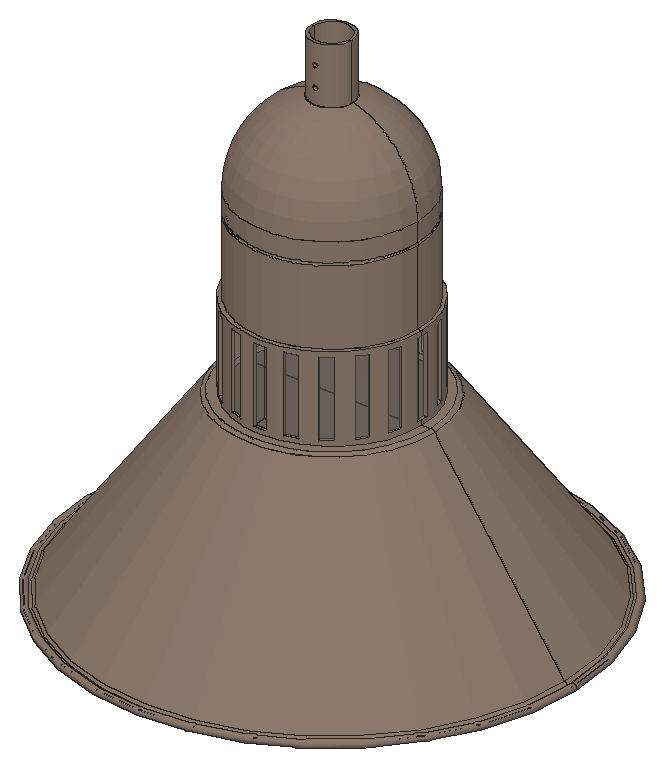
Revit family "BVA2402", category Generic Models, Revit 2014
Parameters
  GLASS = Glass
  DETAIL = Bronze, Architectural
  BELL = Bronze, Architectural
Reference planes (in)
  plane 1 "Center (Front/Back)": y = 0
  plane 2: z = 0
  plane 3 "Center (Left/Right)": x = 0
Forms (in)
  Revolve 1, solid, material "Bronze, Architectural" <- "BELL"
    sketch origin (0, 0, 2.58382) x (1, 0, 0) y (0, 0, 1)
      loop
        line (0.69, 19.55254) -> (0.69, 19.42754) -> (1.0465, 19.42754)
        arc (1.0465, 19.42754) -> (3.26592, 17.9573) -> (4.125, 15.4375) r 4.125
        line (4.125, 15.4375) -> (4.125, 14.5539)
        arc (4.125, 14.5539) -> (4.08643, 14.4375) -> (4.125, 14.3211) r 0.19492
        line (4.125, 14.3211) -> (4.125, 10.6875) -> (4.25, 10.6875) -> (4.25, 14.375)
        arc (4.25, 14.375) -> (4.21143, 14.4375) -> (4.25, 14.5) r 0.06992
        line (4.25, 14.5) -> (4.25, 15.4375)
        arc (4.25, 15.4375) -> (3.35992, 18.04008) -> (1.0625, 19.55254) r 4.25
        line (1.0625, 19.55254) -> (0.69, 19.55254)
      axis (0, 19.55254) -> (0, 10.6875)
    angle from 0 to 360
  Revolve 2, solid, material "Bronze, Architectural" <- "BELL"
    sketch origin (0, 0, 2.58382) x (1, 0, 0) y (0, 0, 1)
      loop
        line (4.4375, 10.6875) -> (4.25, 10.6875) -> (4.125, 10.6875) -> (4.125, 10.5625) -> (4.3125, 10.5625) -> (4.3125, 6.625) -> (4.3125, 6.375) -> (4.4375, 6.375) -> (4.87357, 6.375)
        arc (4.87357, 6.375) -> (4.92998, 6.36155) -> (4.97425, 6.32408) r 0.125
        line (4.97425, 6.32408) -> (11.40111, -2.41034)
        arc (11.40111, -2.41034) -> (11.4783, -2.48787) -> (11.56979, -2.54786) r 0.52882
        arc (11.56979, -2.54786) -> (11.73271, -2.60301) -> (11.90362, -2.62242) r 0.80764
        arc (11.90362, -2.62242) -> (12.04655, -2.38719) -> (11.77171, -2.3722) r 0.16042
        line (11.77171, -2.3722) -> (11.87529, -2.44217)
        arc (11.87529, -2.44217) -> (11.93597, -2.44548) -> (11.90441, -2.49742) r 0.03542
        arc (11.90441, -2.49742) -> (11.76132, -2.48132) -> (11.62479, -2.43557) r 0.68264
        arc (11.62479, -2.43557) -> (11.55727, -2.39098) -> (11.5, -2.33382) r 0.40382
        line (11.5, -2.33382) -> (5.07493, 6.39816)
        arc (5.07493, 6.39816) -> (4.98639, 6.47309) -> (4.87357, 6.5) r 0.25
        line (4.87357, 6.5) -> (4.4375, 6.5) -> (4.4375, 10.6875)
      axis (0, 10.6875) -> (0, -2.62242)
    angle from 0 to 360
  Extrusion 3, void
    sketch origin (0, 0, 2.58382) x (1, 0, 0) y (0, 0, 1)
      loop
        line (0.31188, 6.75) -> (0.31188, 10.4375) -> (-0.31188, 10.4375) -> (-0.31188, 6.75) -> (0.31188, 6.75)
    from 3.73148 to 4.63874
  Extrusion 4, void
    sketch origin (0, 0, 2.58382) x (-1, 0, 0) y (0, 0, 1)
      loop
        line (0.31188, 6.75) -> (0.31188, 10.4375) -> (-0.31188, 10.4375) -> (-0.31188, 6.75) -> (0.31188, 6.75)
    from 3.73148 to 4.63874
  Extrusion 5, void
    sketch origin (0, 0, 2.58382) x (0.951057, 0.309017, 0) y (0, 0, 1)
      loop
        line (0.31188, 6.75) -> (0.31188, 10.4375) -> (-0.31188, 10.4375) -> (-0.31188, 6.75) -> (0.31188, 6.75)
    from 3.73148 to 4.63874
  Extrusion 6, void
    sketch origin (0, 0, 2.58382) x (-0.951057, -0.309017, 0) y (0, 0, 1)
      loop
        line (0.31188, 6.75) -> (0.31188, 10.4375) -> (-0.31188, 10.4375) -> (-0.31188, 6.75) -> (0.31188, 6.75)
    from 3.73148 to 4.63874
  Extrusion 7, void
    sketch origin (0, 0, 2.58382) x (0.809017, 0.587785, 0) y (0, 0, 1)
      loop
        line (0.31188, 6.75) -> (0.31188, 10.4375) -> (-0.31188, 10.4375) -> (-0.31188, 6.75) -> (0.31188, 6.75)
    from 3.73148 to 4.63874
  Extrusion 8, void
    sketch origin (0, 0, 2.58382) x (-0.809017, -0.587785, 0) y (0, 0, 1)
      loop
        line (0.31188, 6.75) -> (0.31188, 10.4375) -> (-0.31188, 10.4375) -> (-0.31188, 6.75) -> (0.31188, 6.75)
    from 3.73148 to 4.63874
  Extrusion 9, void
    sketch origin (0, 0, 2.58382) x (0.587785, 0.809017, 0) y (0, 0, 1)
      loop
        line (0.31188, 6.75) -> (0.31188, 10.4375) -> (-0.31188, 10.4375) -> (-0.31188, 6.75) -> (0.31188, 6.75)
    from 3.73148 to 4.63874
  Extrusion 10, void
    sketch origin (0, 0, 2.58382) x (-0.587785, -0.809017, 0) y (0, 0, 1)
      loop
        line (0.31188, 6.75) -> (0.31188, 10.4375) -> (-0.31188, 10.4375) -> (-0.31188, 6.75) -> (0.31188, 6.75)
    from 3.73148 to 4.63874
  Extrusion 11, void
    sketch origin (0, 0, 2.58382) x (0.309017, 0.951057, 0) y (0, 0, 1)
      loop
        line (0.31188, 6.75) -> (0.31188, 10.4375) -> (-0.31188, 10.4375) -> (-0.31188, 6.75) -> (0.31188, 6.75)
    from 3.73148 to 4.63874
  Extrusion 12, void
    sketch origin (0, 0, 2.58382) x (-0.309017, -0.951057, 0) y (0, 0, 1)
      loop
        line (0.31188, 6.75) -> (0.31188, 10.4375) -> (-0.31188, 10.4375) -> (-0.31188, 6.75) -> (0.31188, 6.75)
    from 3.73148 to 4.63874
  Extrusion 13, void
    sketch origin (0, 0, 2.58382) x (0, 1, 0) y (0, 0, 1)
      loop
        line (0.31188, 6.75) -> (0.31188, 10.4375) -> (-0.31188, 10.4375) -> (-0.31188, 6.75) -> (0.31188, 6.75)
    from 3.73148 to 4.63874
  Extrusion 14, void
    sketch origin (0, 0, 2.58382) x (0, -1, 0) y (0, 0, 1)
      loop
        line (0.31188, 6.75) -> (0.31188, 10.4375) -> (-0.31188, 10.4375) -> (-0.31188, 6.75) -> (0.31188, 6.75)
    from 3.73148 to 4.63874
  Extrusion 15, void
    sketch origin (0, 0, 2.58382) x (-0.309017, 0.951057, 0) y (0, 0, 1)
      loop
        line (0.31188, 6.75) -> (0.31188, 10.4375) -> (-0.31188, 10.4375) -> (-0.31188, 6.75) -> (0.31188, 6.75)
    from 3.73148 to 4.63874
  Extrusion 16, void
    sketch origin (0, 0, 2.58382) x (0.309017, -0.951057, 0) y (0, 0, 1)
      loop
        line (0.31188, 6.75) -> (0.31188, 10.4375) -> (-0.31188, 10.4375) -> (-0.31188, 6.75) -> (0.31188, 6.75)
    from 3.73148 to 4.63874
  Extrusion 17, void
    sketch origin (0, 0, 2.58382) x (-0.587785, 0.809017, 0) y (0, 0, 1)
      loop
        line (0.31188, 6.75) -> (0.31188, 10.4375) -> (-0.31188, 10.4375) -> (-0.31188, 6.75) -> (0.31188, 6.75)
    from 3.73148 to 4.63874
  Extrusion 18, void
    sketch origin (0, 0, 2.58382) x (0.587785, -0.809017, 0) y (0, 0, 1)
      loop
        line (0.31188, 6.75) -> (0.31188, 10.4375) -> (-0.31188, 10.4375) -> (-0.31188, 6.75) -> (0.31188, 6.75)
    from 3.73148 to 4.63874
  Extrusion 19, void
    sketch origin (0, 0, 2.58382) x (-0.809017, 0.587785, 0) y (0, 0, 1)
      loop
        line (0.31188, 6.75) -> (0.31188, 10.4375) -> (-0.31188, 10.4375) -> (-0.31188, 6.75) -> (0.31188, 6.75)
    from 3.73148 to 4.63874
  Extrusion 20, void
    sketch origin (0, 0, 2.58382) x (0.809017, -0.587785, 0) y (0, 0, 1)
      loop
        line (0.31188, 6.75) -> (0.31188, 10.4375) -> (-0.31188, 10.4375) -> (-0.31188, 6.75) -> (0.31188, 6.75)
    from 3.73148 to 4.63874
  Extrusion 21, void
    sketch origin (0, 0, 2.58382) x (-0.951057, 0.309017, 0) y (0, 0, 1)
      loop
        line (0.31188, 6.75) -> (0.31188, 10.4375) -> (-0.31188, 10.4375) -> (-0.31188, 6.75) -> (0.31188, 6.75)
    from 3.73148 to 4.63874
  Extrusion 22, void
    sketch origin (0, 0, 2.58382) x (0.951057, -0.309017, 0) y (0, 0, 1)
      loop
        line (0.31188, 6.75) -> (0.31188, 10.4375) -> (-0.31188, 10.4375) -> (-0.31188, 6.75) -> (0.31188, 6.75)
    from 3.73148 to 4.63874
  Revolve 23, solid, material "Bronze, Architectural" <- "DETAIL"
    sketch origin (0, 0, -0.03336) x (1, 0, 0) y (0, 0, 1)
      loop
        line (10.54087, 0.68) -> (10.61343, 0.27787)
        arc (10.61343, 0.27787) -> (10.8189, 0.15504) -> (11.05533, 0.1175) r 0.63153
        line (11.05533, 0.1175) -> (11.25816, 0.1175) -> (11.52973, -0.00251) -> (11.73039, -0.00251) -> (11.27982, 0.18419) -> (10.68232, 0.2903) -> (10.60865, 0.6986) -> (10.59937, 0.75) -> (10.54714, 0.75) -> (9.40293, 0.75) -> (9.40293, 0.68) -> (10.54087, 0.68)
      axis (0, -0.00251) -> (0, 0.75)
    angle from 0 to 360
  Revolve 24, solid, material "Bronze, Architectural" <- "DETAIL"
    sketch origin (0, 0, -0.03336) x (1, 0, 0) y (0, 0, 1)
      loop
        line (9.375, 0.4925) -> (9.375, 0.055) -> (8.875, 0.055) -> (8.875, -0.195) -> (9.5, -0.195) -> (9.5, 0.1175) -> (10.5625, 0.1175) -> (10.5625, 0.4925) -> (9.375, 0.4925)
      axis (0, 0.4925) -> (0, -0.195)
    angle from 0 to 360
  Revolve 25, solid, material "Glass" <- "GLASS"
    sketch origin (0, 0, -0.03336) x (1, 0, 0) y (0, 0, 1)
      loop
        line (9.32463, 0.055) -> (9.32463, 0.18) -> (0, 0.18) -> (0, 0.055) -> (9.32463, 0.055)
      axis (0, 0.18) -> (0, 0.055)
    angle from 0 to 360
  Revolve 26, solid, material "Bronze, Architectural" <- "BELL"
    sketch origin (0, 0, 2.58382) x (1, 0, 0) y (0, 0, 1)
      loop
        line (-1, 22.30254) -> (-1, 19.55254) -> (-0.875, 19.55254) -> (-0.875, 22.30254) -> (-1, 22.30254)
      axis (0, 22.30254) -> (0, 19.55254)
    angle from 0 to 360
  Extrusion 27, void
    sketch origin (0, 0, 2.58382) x (1, 0, 0) y (0, 0, 1)
      loop
        circle (0, 21.30254) r 0.12446
      loop
        circle (0, 20.30254) r 0.12446
    from -1.09632 to 1.05805
  Revolve 28, solid, material "Glass" <- "GLASS"
    sketch origin (0, 0, 2.58382) x (1, 0, 0) y (0, 0, 1)
      loop
        line (-4.3125, 10.5625) -> (-4.3125, 6.375) -> (0, 6.375) -> (0, 10.5625) -> (-4.3125, 10.5625)
      axis (0, 10.5625) -> (0, 6.375)
    angle from 0 to 360
Cuts and joins
  Extrusion 3, Extrusion 4, Extrusion 5, Extrusion 6, Extrusion 7, Extrusion 8, Extrusion 9, Extrusion 10, Extrusion 11, Extrusion 12, Extrusion 13, Extrusion 14, Extrusion 15, Extrusion 16, Extrusion 17, Extrusion 18, Extrusion 19, Extrusion 20, Extrusion 21, Extrusion 22 cuts Revolve 2
  Extrusion 3 cuts Revolve 28
  Extrusion 27 cuts Revolve 26
  Extrusion 15, Extrusion 18 cuts Revolve 1
Dimensions and locks (in)
  aligned and locked: plane 2 to level
